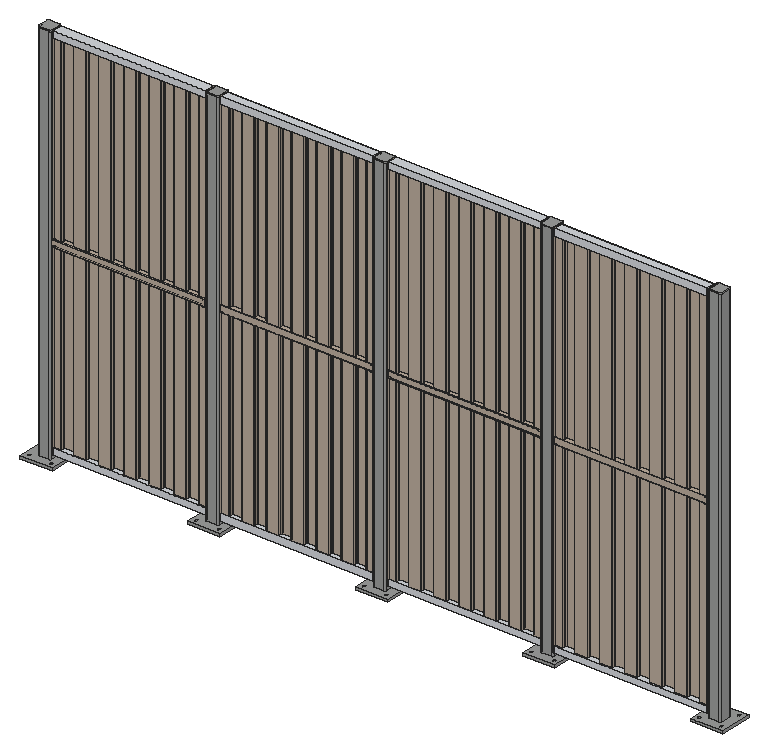
Revit family "Palmshield-Palisade-Fortress-Array", category Specialty Equipment, Revit 2025
Family settings
  Round Connector Dimension = Use Diameter
  Part Type = Normal
  OmniClass Number = 23.55.00.00
  OmniClass Title = Manufactured Structures
  Enable Cutting in Views = No
  Cut with Voids When Loaded = No
  Maintain Annotation Orientation = No
  Shared = No
  Room Calculation Point = No
Parameters (values of type "Assembly")
  Warranty URL = "https://palmshieldlouvers.com/wp-content/uploads/2020/01/PalmSHIELD-Warranty-NO-SIGN-LINE.pdf"
  Version = "2020 - v1.0a"  # constant formula
  URL = "https://palmshieldlouvers.com/"
  Type Comments = ""
  Start Post [instance] = yes
  Product Page URL = "https://palmshieldlouvers.com/products/palisade-fortress/"
  Product Documentation Link = "https://palmshieldlouvers.com/wp-content/uploads/2020/06/PS-PALISADE-FORTRESS-compressed.pdf"
  Post Finish = Metal - PalmSHIELD - Dusty Grey
  Panel Width [instance] = if(Desired Panel Width > C Max Panel Width, C Max Panel Width, if(Desired Panel Width < C Min Panel Width, C Min Panel Width, Desired Panel Width))  # 4' - 0"
  Panel Height [instance] = if(Desired Panel Height > C Max Panel Height, C Max Panel Height, if(Desired Panel Height < C Min Panel Height, C Min Panel Height, Desired Panel Height))  # 10' - 0"
  Model = "Palisade - Fortress"  # constant formula
  Manufacturer Phone Number = "531-329-4406 "  # constant formula
  Manufacturer Email = "mailto: info@palmshieldlouvers.com"
  Manufacturer Address = "12330 Cary Circle, La Vista, NE 68128"  # constant formula
  Manufacturer = "PalmSHIELD"  # constant formula
  Louver Finsh = Metal - PalmSHIELD - Grey Beige
  Keynote = "05 10 00"
  Instruction Sheet Link = "https://palmshieldlouvers.com/wp-content/uploads/2020/01/PalmSHIELD-Post-Panel-Gate-Installation-Instructions-REV-1.pdf"
  ID [instance] = "Not Assigned"
  Frame Finish = Metal - PalmSHIELD - Dusty Grey
  Filler Panel [instance] = yes
  End Post [instance] = yes
  Desired Panel Width [instance] = 4' - 0"
  Desired Panel Height [instance] = 10' - 0"
  Real Length [instance] = if(system length 1 < (C Post Width + C Min Panel Width), (C Post Width + C Min Panel Width), system length 1)  # 17' - 4"
  Description = "Palisade - Fortress - Panel Assembly"  # constant formula
  system length 1 [instance] = 17' - 4"
  Copyright = "Copyright ©2024 The American Fence Company and PalmSHIELD. All Rights Reserved."  # constant formula
  Component Name [instance] = "Palisade - Fortress - Panel Assembly"  # constant formula
  C Single Post [instance] = if(C Condition Double, 1 = 1, if(and(End Post, C Condition Single), 1 = 1, 1 = 0))  # no
  C Single Panel [instance] = or(C Condition Double, C Condition Single)  # no
  C Post Width [instance] = 0' - 4"  # constant formula
  C Multiple Post [instance] = (C Condition Multiple)  # yes
  C Multiple Panels [instance] = (C Condition Multiple)  # yes
  C Min Panel Width [instance] = 4' - 0"  # constant formula
  C Min Panel Height [instance] = C Min Panel Width  # 4' - 0"
  C Max Panel Width [instance] = 5' - 0"  # constant formula
  C Max Panel Height [instance] = 12' - 0"  # constant formula
  C Filler Post [instance] = and(not(C Condition Single), Filler Panel, End Post, or(C Filler Panel Width = C Min Panel Width, C Filler Panel Width > C Min Panel Width))  # yes
  C Filler Panel Width Calculated [instance] = Real Length - C Calculated Total Length - Panel Width - C Post Width  # 4' - 0"
  C Filler Panel Width [instance] = if(C Filler Panel Width Calculated < C Min Panel Width, C Min Panel Width, if(C Filler Panel Width Calculated > C Max Panel Width, C Max Panel Width, C Filler Panel Width Calculated))  # 4' - 0"
  C Filler Panel [instance] = and(not(C Condition Single), Filler Panel, or(C Filler Panel Width = C Min Panel Width, C Filler Panel Width > C Min Panel Width))  # yes
  C Condition Single [instance] = C Array Count < 1  # no
  C Condition Multiple [instance] = C Array Count > 1  # yes
  C Condition Double [instance] = C Array Count = 1  # no
  C Complete Post [instance] = and(not(C Condition Single), not(Filler Panel), End Post)  # no
  C Complete Panel [instance] = and(not(C Condition Single), not(Filler Panel))  # no
  C Calculated Total Length [instance] = if(C Array Count < 1, 0' 0", if(C Array Count = 1, C Post Width, Panel Width * (C Array Safe - 1) + C Post Width * (C Array Safe)))  # 9' - 0"
  C Calculated Filler Panel Length [instance] = if(C Array Count < 1, 0' 0", if(or(C Array Count = 2, C Array Count = 1), C Post Width, if(Filler Panel, (C Calculated Total Length - C Post Width - C Filler Panel Width), (C Calculated Total Length - C Post Width - Panel Width))))  # 4' - 8"
  C Array Safe [instance] = if(C Array Count < 2, 2, C Array Count)  # 3
  C Array Count [instance] = if(Filler Panel, roundup(((Real Length - C Min Panel Width) / (Panel Width + C Post Width)) - 1), roundup(((Real Length - (Panel Width)) / (Panel Width + C Post Width)) - 1))  # 3
  Assembly Code = "F1020100"
Reference planes (in)
  plane 1 "Center (Front/Back)": y = 0
  plane 2: z = 0
  plane 3 "Left": x = 0
  plane 4 "Right": x = 208
  plane 5 "Top": z = 120
  plane 6: x = 48
  plane 7: x = 52
  plane 8: x = 100
  plane 9: x = 104
  plane 10: x = -4
  plane 11: x = 156
  plane 12: x = 52
  plane 13: x = 204
  plane 14: x = 204
  plane 15: x = -2
  plane 16: x = 208
  plane 17: x = 206
  plane 18: x = 206
  plane 19: x = 208
  plane 20: x = 50
  plane 21: x = 102
  plane 22: y = -2
  plane 23: y = 2
Lines and regions (in)
  reference lines
    curve 1: line (0, 0, 0) -> (208, 0, 0)
Dimensions and locks (in)
  "system length 1": plane 3 "Left" to plane 4 "Right"
  "Panel Width": plane 6 to plane 3 "Left"
  "C Post Width": plane 7 to plane 6
  "Panel Width": plane 8 to plane 7
  "C Post Width": plane 9 to plane 8
  "C Post Width": plane 3 "Left" to plane 10
  "C Calculated Filler Panel Length": plane 12 to plane 10
  "C Filler Panel Width": plane 13 to plane 11
  "Panel Width": plane 14 to plane 11
  "C Calculated Total Length": plane 11 to plane 6
  equal spacing: plane 10, plane 15, plane 3 "Left"
  equal spacing: plane 16, plane 17, plane 13
  "C Post Width": plane 16 to plane 13
  equal spacing: plane 19, plane 18, plane 14
  "C Post Width": plane 19 to plane 14
  equal spacing: plane 9, plane 21, plane 8
  equal spacing: plane 7, plane 20, plane 6
  equal spacing: plane 22, plane 1 "Center (Front/Back)", plane 23
  "C Post Width": plane 22 to plane 23
  "Panel Height": plane 5 "Top" to level
  equal spacing: group 1, group 2, group 5  (x3)
  equal spacing: group 3, group 4, group 6  (x3)
  aligned and locked: plane 4 "Right" to curve 1
  aligned and locked: plane 1 "Center (Front/Back)" to curve 1
  aligned and locked: plane 3 "Left" to curve 1
  aligned and locked: level to plane 2
  aligned and locked: plane 15 to nested 1
  aligned and locked: nested 1 to plane 1 "Center (Front/Back)"
  aligned and locked: plane 3 "Left" to nested 2
  aligned and locked: nested 3 to plane 13
  aligned and locked: nested 4 to plane 14
  aligned and locked: plane 1 "Center (Front/Back)" to nested 6
  aligned and locked: plane 1 "Center (Front/Back)" to nested 5
  aligned and locked: plane 1 "Center (Front/Back)" to nested 8
  aligned and locked: plane 1 "Center (Front/Back)" to nested 9
  aligned and locked: plane 17 to nested 6
  aligned and locked: plane 18 to nested 5
  aligned and locked: plane 20 to nested 8
  aligned and locked: plane 22 to nested 4
  aligned and locked: plane 22 to nested 3
  aligned and locked: nested 2 to plane 22
  aligned and locked: plane 20 to nested 9
  aligned and locked: plane 3 "Left" to nested 7
  aligned and locked: nested 7 to plane 1 "Center (Front/Back)"
  aligned and locked: plane 7 to nested 29
  aligned and locked: nested 29 to plane 1 "Center (Front/Back)"
  aligned and locked: plane 21 to nested 46
  aligned and locked: plane 1 "Center (Front/Back)" to nested 46
Nested families (in)
  nested 1: "Screening-Louver-Assembly-Post-Palmshield-Palisade" at (-2, 0, 0), Desired Overall Height <- "Panel Height", visible <- "Start Post", Component Vis <- "Start Post", ID <- "ID", type ""
    with ID "Not Assigned", Height 8' - 0", Desired Overall Height 10' - 0", Component Vis yes, Component Name "Palisade - Square Post", C Min Height 3' - 4", C Max Height 8' - 0"
  nested 2: "Screening-Louver-Assembly-Panel-Palmshield-Palisade-Fortress" at (0, -2, 0), Desired Overall Height <- "Panel Height", Desired Overall Width <- "Panel Width", visible <- "C Single Panel", Component Vis <- "C Single Panel", ID <- "ID", type ""
    with Width 4' - 0", Support Width 3' - 11 1/2", Support Location 4' - 11", ID "Not Assigned", Horizontal Support yes, Height 10' - 0", Desired Overall Width 4' - 0", Desired Overall Height 10' - 0", Desired Bottom Angle 0.00°, Component Vis no, Component Name "Palisade Fortress - Panel Assembly", C Min Width 4' - 0", C Min Height 4' - 0", C Max Width 5' - 0", C Max Height 12' - 0", C Angle 0.00°
  nested 3: "Screening-Louver-Assembly-Panel-Palmshield-Palisade-Fortress" at (156, -2, 0), Desired Overall Height <- "Panel Height", Desired Overall Width <- "C Filler Panel Width", visible <- "C Filler Panel", Component Vis <- "C Filler Panel", ID <- "ID", type ""
    with Width 4' - 0", Support Width 3' - 11 1/2", Support Location 4' - 11", ID "Not Assigned", Horizontal Support yes, Height 10' - 0", Desired Overall Width 4' - 0", Desired Overall Height 10' - 0", Desired Bottom Angle 0.00°, Component Vis yes, Component Name "Palisade Fortress - Panel Assembly", C Min Width 4' - 0", C Min Height 4' - 0", C Max Width 5' - 0", C Max Height 12' - 0", C Angle 0.00°
  nested 4: "Screening-Louver-Assembly-Panel-Palmshield-Palisade-Fortress" at (156, -2, 0), Desired Overall Height <- "Panel Height", Desired Overall Width <- "Panel Width", visible <- "C Complete Panel", Component Vis <- "C Complete Panel", ID <- "ID", type ""
    with Width 4' - 0", Support Width 3' - 11 1/2", Support Location 4' - 11", ID "Not Assigned", Horizontal Support yes, Height 10' - 0", Desired Overall Width 4' - 0", Desired Overall Height 10' - 0", Desired Bottom Angle 0.00°, Component Vis no, Component Name "Palisade Fortress - Panel Assembly", C Min Width 4' - 0", C Min Height 4' - 0", C Max Width 5' - 0", C Max Height 12' - 0", C Angle 0.00°
  nested 5: "Screening-Louver-Assembly-Post-Palmshield-Palisade" at (206, 0, 0), Desired Overall Height <- "Panel Height", visible <- "C Complete Post", Component Vis <- "C Complete Post", ID <- "ID", type ""
    with ID "Not Assigned", Height 8' - 0", Desired Overall Height 10' - 0", Component Vis no, Component Name "Palisade - Square Post", C Min Height 3' - 4", C Max Height 8' - 0"
  nested 6: "Screening-Louver-Assembly-Post-Palmshield-Palisade" at (206, 0, 0), Desired Overall Height <- "Panel Height", visible <- "C Filler Post", Component Vis <- "C Filler Post", ID <- "ID", type ""
    with ID "Not Assigned", Height 8' - 0", Desired Overall Height 10' - 0", Component Vis yes, Component Name "Palisade - Square Post", C Min Height 3' - 4", C Max Height 8' - 0"
  nested 7: "Screening-Louver-Assembly-Panel-Palmshield-Palisade-Fortress" at (0, -1.5, 0), Desired Overall Height <- "Panel Height", Desired Overall Width <- "Panel Width", visible <- "C Multiple Panels", Component Vis <- "C Multiple Panels", ID <- "ID", type ""
    with Width 4' - 0", Support Width 3' - 11 1/2", Support Location 4' - 11", ID "Not Assigned", Horizontal Support yes, Height 10' - 0", Desired Overall Width 4' - 0", Desired Overall Height 10' - 0", Desired Bottom Angle 0.00°, Component Vis yes, Component Name "Palisade Fortress - Panel Assembly", C Min Width 4' - 0", C Min Height 4' - 0", C Max Width 5' - 0", C Max Height 12' - 0", C Angle 0.00°
  nested 8: "Screening-Louver-Assembly-Post-Palmshield-Palisade" at (50, 0, 0), Desired Overall Height <- "Panel Height", visible <- "C Multiple Post", Component Vis <- "C Multiple Post", ID <- "ID", type ""
    with ID "Not Assigned", Height 8' - 0", Desired Overall Height 10' - 0", Component Vis yes, Component Name "Palisade - Square Post", C Min Height 3' - 4", C Max Height 8' - 0"
  nested 9: "Screening-Louver-Assembly-Post-Palmshield-Palisade" at (50, 0, 0), Desired Overall Height <- "Panel Height", visible <- "C Single Post", Component Vis <- "C Single Post", ID <- "ID", type ""
    with ID "Not Assigned", Height 8' - 0", Desired Overall Height 10' - 0", Component Vis no, Component Name "Palisade - Square Post", C Min Height 3' - 4", C Max Height 8' - 0"
  nested 10: "Nested-Base_Plate-Palmshield-Palisade" at (50, 0, 0), type ""
    with Material Metal - PalmSHIELD - Dusty Grey, ID "Not Assigned", Component Name "Atlas - Base Plate"
  nested 11: "Nested-Square_Post-Palmshield-Palisade" at (50, 0, 0.75), type ""
    with Material Metal - PalmSHIELD - Dusty Grey, Length 9' - 11", ID "Not Assigned", Component Name "Atlas - Square Post"
  nested 12: "Nested-Top_Cap-Palmshield-Palisade" at (50, 0, 119.75), type ""
    with Material Metal - PalmSHIELD - Dusty Grey, ID "Not Assigned", Component Name "Atlas - Post Cap"
  nested 13: "Nested-Cont_Alum-Palmshield-Palisade" at (0, -1.5, 120) x (0, 1, 0) z (1, 0, 0), type ""
    with Material Metal - PalmSHIELD - Grey Beige, Length 9' - 10", ID "Not Assigned", Component Name "Atlas - Left L-Frame"
  nested 14: "Nested-Cont_Alum-Palmshield-Palisade" at (48, -1.5, 2) x (0, 1, 0) z (-1, 0, 0), type ""
    with Material Metal - PalmSHIELD - Grey Beige, Length 9' - 10", ID "Not Assigned", Component Name "Atlas - Right L-Frame"
  nested 15: "Nested-Rect_Tube-Palmshield-Palisade" at (0.25, 1.5, 120) x (0, -1, 0) z (1, 0, 0), type ""
    with Material none, Length 3' - 11 1/2", ID "", Component Name ""
  nested 16: "Nested-Rect_Tube-Palmshield-Palisade" at (0.25, 1.5, 4) x (0, -1, 0) z (1, 0, 0), type ""
    with Material none, Length 3' - 11 1/2", ID "", Component Name ""
  nested 17: "Nested-Pickets-Palmshield-Palisade" at (41.375, 1.1875, 4) x (0, -1, 0) z (0, 0, 1), type ""
    with Real Height 0' - 4", Material Metal - PalmSHIELD - Grey Beige, Length 9' - 6", ID "", Height 0' - 4", Desired Cut In Place 0' - 0 1/2", Cut In Place no, Component Vis yes, Component Name "", C Hole Offset 0' - 1 1/2"
  nested 18: "Nested-Pickets-Palmshield-Palisade" at (37.5, -0.1875, 4) x (0, -1, 0) z (0, 0, 1), type ""
    with Real Height 0' - 4", Material Metal - PalmSHIELD - Grey Beige, Length 9' - 6", ID "", Height 0' - 4", Desired Cut In Place 0' - 0 1/2", Cut In Place no, Component Vis yes, Component Name "", C Hole Offset 0' - 1 1/2"
  nested 19: "Nested-Pickets-Palmshield-Palisade" at (29.75, -0.1875, 4) x (0, -1, 0) z (0, 0, 1), type ""
    with Real Height 0' - 4", Material Metal - PalmSHIELD - Grey Beige, Length 9' - 6", ID "", Height 0' - 4", Desired Cut In Place 0' - 0 1/2", Cut In Place no, Component Vis yes, Component Name "", C Hole Offset 0' - 1 1/2"
  nested 20: "Nested-Pickets-Palmshield-Palisade" at (33.625, 1.1875, 4) x (0, -1, 0) z (0, 0, 1), type ""
    with Real Height 0' - 4", Material Metal - PalmSHIELD - Grey Beige, Length 9' - 6", ID "", Height 0' - 4", Desired Cut In Place 0' - 0 1/2", Cut In Place no, Component Vis yes, Component Name "", C Hole Offset 0' - 1 1/2"
  nested 21: "Nested-Pickets-Palmshield-Palisade" at (25.875, 1.1875, 4) x (0, -1, 0) z (0, 0, 1), type ""
    with Real Height 0' - 4", Material Metal - PalmSHIELD - Grey Beige, Length 9' - 6", ID "", Height 0' - 4", Desired Cut In Place 0' - 0 1/2", Cut In Place no, Component Vis yes, Component Name "", C Hole Offset 0' - 1 1/2"
  nested 22: "Nested-Pickets-Palmshield-Palisade" at (22, -0.1875, 4) x (0, -1, 0) z (0, 0, 1), type ""
    with Real Height 0' - 4", Material Metal - PalmSHIELD - Grey Beige, Length 9' - 6", ID "", Height 0' - 4", Desired Cut In Place 0' - 0 1/2", Cut In Place no, Component Vis yes, Component Name "", C Hole Offset 0' - 1 1/2"
  nested 23: "Nested-Pickets-Palmshield-Palisade" at (18.125, 1.1875, 4) x (0, -1, 0) z (0, 0, 1), type ""
    with Real Height 0' - 4", Material Metal - PalmSHIELD - Grey Beige, Length 9' - 6", ID "", Height 0' - 4", Desired Cut In Place 0' - 0 1/2", Cut In Place no, Component Vis yes, Component Name "", C Hole Offset 0' - 1 1/2"
  nested 24: "Nested-Pickets-Palmshield-Palisade" at (14.25, -0.1875, 4) x (0, -1, 0) z (0, 0, 1), type ""
    with Real Height 0' - 4", Material Metal - PalmSHIELD - Grey Beige, Length 9' - 6", ID "", Height 0' - 4", Desired Cut In Place 0' - 0 1/2", Cut In Place no, Component Vis yes, Component Name "", C Hole Offset 0' - 1 1/2"
  nested 25: "Nested-Pickets-Palmshield-Palisade" at (10.375, 1.1875, 4) x (0, -1, 0) z (0, 0, 1), type ""
    with Real Height 0' - 4", Material Metal - PalmSHIELD - Grey Beige, Length 9' - 6", ID "", Height 0' - 4", Desired Cut In Place 0' - 0 1/2", Cut In Place no, Component Vis yes, Component Name "", C Hole Offset 0' - 1 1/2"
  nested 26: "Nested-Pickets-Palmshield-Palisade" at (6.5, -0.1875, 4) x (0, -1, 0) z (0, 0, 1), type ""
    with Real Height 0' - 4", Material Metal - PalmSHIELD - Grey Beige, Length 9' - 6", ID "", Height 0' - 4", Desired Cut In Place 0' - 0 1/2", Cut In Place no, Component Vis yes, Component Name "", C Hole Offset 0' - 1 1/2"
  nested 27: "Nested-Pickets-Palmshield-Palisade" at (2.625, 1.1875, 4) x (0, -1, 0) z (0, 0, 1), type ""
    with Real Height 0' - 4", Material Metal - PalmSHIELD - Grey Beige, Length 9' - 6", ID "", Height 0' - 4", Desired Cut In Place 0' - 0 1/2", Cut In Place no, Component Vis yes, Component Name "", C Hole Offset 0' - 1 1/2"
  nested 28: "Nested-Pickets-Palmshield-Palisade" at (-1.25, -0.1875, 4) x (0, -1, 0) z (0, 0, 1), type ""
    with Real Height 0' - 2 1/2", Material Metal - PalmSHIELD - Grey Beige, Length 9' - 6", ID "", Height 0' - 2 1/2", Desired Cut In Place 0' - 2 1/2", Cut In Place yes, Component Vis yes, Component Name "", C Hole Offset 0' - 1 1/2"
  nested 29: "Screening-Louver-Assembly-Panel-Palmshield-Palisade-Fortress" at (52, -1.5, 0), Desired Overall Height <- "Panel Height", Desired Overall Width <- "Panel Width", visible <- "C Multiple Panels", Component Vis <- "C Multiple Panels", ID <- "ID", type ""
    with Width 4' - 0", Support Width 3' - 11 1/2", Support Location 4' - 11", ID "Not Assigned", Horizontal Support yes, Height 10' - 0", Desired Overall Width 4' - 0", Desired Overall Height 10' - 0", Desired Bottom Angle 0.00°, Component Vis yes, Component Name "Palisade Fortress - Panel Assembly", C Min Width 4' - 0", C Min Height 4' - 0", C Max Width 5' - 0", C Max Height 12' - 0", C Angle 0.00°
  nested 30: "Nested-Cont_Alum-Palmshield-Palisade" at (52, -1.5, 120) x (0, 1, 0) z (1, 0, 0), type ""
    with Material Metal - PalmSHIELD - Grey Beige, Length 9' - 10", ID "Not Assigned", Component Name "Atlas - Left L-Frame"
  nested 31: "Nested-Cont_Alum-Palmshield-Palisade" at (100, -1.5, 2) x (0, 1, 0) z (-1, 0, 0), type ""
    with Material Metal - PalmSHIELD - Grey Beige, Length 9' - 10", ID "Not Assigned", Component Name "Atlas - Right L-Frame"
  nested 32: "Nested-Rect_Tube-Palmshield-Palisade" at (52.25, 1.5, 120) x (0, -1, 0) z (1, 0, 0), type ""
    with Material none, Length 3' - 11 1/2", ID "", Component Name ""
  nested 33: "Nested-Rect_Tube-Palmshield-Palisade" at (52.25, 1.5, 4) x (0, -1, 0) z (1, 0, 0), type ""
    with Material none, Length 3' - 11 1/2", ID "", Component Name ""
  nested 34: "Nested-Pickets-Palmshield-Palisade" at (93.375, 1.1875, 4) x (0, -1, 0) z (0, 0, 1), type ""
    with Real Height 0' - 4", Material Metal - PalmSHIELD - Grey Beige, Length 9' - 6", ID "", Height 0' - 4", Desired Cut In Place 0' - 0 1/2", Cut In Place no, Component Vis yes, Component Name "", C Hole Offset 0' - 1 1/2"
  nested 35: "Nested-Pickets-Palmshield-Palisade" at (89.5, -0.1875, 4) x (0, -1, 0) z (0, 0, 1), type ""
    with Real Height 0' - 4", Material Metal - PalmSHIELD - Grey Beige, Length 9' - 6", ID "", Height 0' - 4", Desired Cut In Place 0' - 0 1/2", Cut In Place no, Component Vis yes, Component Name "", C Hole Offset 0' - 1 1/2"
  nested 36: "Nested-Pickets-Palmshield-Palisade" at (81.75, -0.1875, 4) x (0, -1, 0) z (0, 0, 1), type ""
    with Real Height 0' - 4", Material Metal - PalmSHIELD - Grey Beige, Length 9' - 6", ID "", Height 0' - 4", Desired Cut In Place 0' - 0 1/2", Cut In Place no, Component Vis yes, Component Name "", C Hole Offset 0' - 1 1/2"
  nested 37: "Nested-Pickets-Palmshield-Palisade" at (85.625, 1.1875, 4) x (0, -1, 0) z (0, 0, 1), type ""
    with Real Height 0' - 4", Material Metal - PalmSHIELD - Grey Beige, Length 9' - 6", ID "", Height 0' - 4", Desired Cut In Place 0' - 0 1/2", Cut In Place no, Component Vis yes, Component Name "", C Hole Offset 0' - 1 1/2"
  nested 38: "Nested-Pickets-Palmshield-Palisade" at (77.875, 1.1875, 4) x (0, -1, 0) z (0, 0, 1), type ""
    with Real Height 0' - 4", Material Metal - PalmSHIELD - Grey Beige, Length 9' - 6", ID "", Height 0' - 4", Desired Cut In Place 0' - 0 1/2", Cut In Place no, Component Vis yes, Component Name "", C Hole Offset 0' - 1 1/2"
  nested 39: "Nested-Pickets-Palmshield-Palisade" at (74, -0.1875, 4) x (0, -1, 0) z (0, 0, 1), type ""
    with Real Height 0' - 4", Material Metal - PalmSHIELD - Grey Beige, Length 9' - 6", ID "", Height 0' - 4", Desired Cut In Place 0' - 0 1/2", Cut In Place no, Component Vis yes, Component Name "", C Hole Offset 0' - 1 1/2"
  nested 40: "Nested-Pickets-Palmshield-Palisade" at (70.125, 1.1875, 4) x (0, -1, 0) z (0, 0, 1), type ""
    with Real Height 0' - 4", Material Metal - PalmSHIELD - Grey Beige, Length 9' - 6", ID "", Height 0' - 4", Desired Cut In Place 0' - 0 1/2", Cut In Place no, Component Vis yes, Component Name "", C Hole Offset 0' - 1 1/2"
  nested 41: "Nested-Pickets-Palmshield-Palisade" at (66.25, -0.1875, 4) x (0, -1, 0) z (0, 0, 1), type ""
    with Real Height 0' - 4", Material Metal - PalmSHIELD - Grey Beige, Length 9' - 6", ID "", Height 0' - 4", Desired Cut In Place 0' - 0 1/2", Cut In Place no, Component Vis yes, Component Name "", C Hole Offset 0' - 1 1/2"
  nested 42: "Nested-Pickets-Palmshield-Palisade" at (62.375, 1.1875, 4) x (0, -1, 0) z (0, 0, 1), type ""
    with Real Height 0' - 4", Material Metal - PalmSHIELD - Grey Beige, Length 9' - 6", ID "", Height 0' - 4", Desired Cut In Place 0' - 0 1/2", Cut In Place no, Component Vis yes, Component Name "", C Hole Offset 0' - 1 1/2"
  nested 43: "Nested-Pickets-Palmshield-Palisade" at (58.5, -0.1875, 4) x (0, -1, 0) z (0, 0, 1), type ""
    with Real Height 0' - 4", Material Metal - PalmSHIELD - Grey Beige, Length 9' - 6", ID "", Height 0' - 4", Desired Cut In Place 0' - 0 1/2", Cut In Place no, Component Vis yes, Component Name "", C Hole Offset 0' - 1 1/2"
  nested 44: "Nested-Pickets-Palmshield-Palisade" at (54.625, 1.1875, 4) x (0, -1, 0) z (0, 0, 1), type ""
    with Real Height 0' - 4", Material Metal - PalmSHIELD - Grey Beige, Length 9' - 6", ID "", Height 0' - 4", Desired Cut In Place 0' - 0 1/2", Cut In Place no, Component Vis yes, Component Name "", C Hole Offset 0' - 1 1/2"
  nested 45: "Nested-Pickets-Palmshield-Palisade" at (50.75, -0.1875, 4) x (0, -1, 0) z (0, 0, 1), type ""
    with Real Height 0' - 2 1/2", Material Metal - PalmSHIELD - Grey Beige, Length 9' - 6", ID "", Height 0' - 2 1/2", Desired Cut In Place 0' - 2 1/2", Cut In Place yes, Component Vis yes, Component Name "", C Hole Offset 0' - 1 1/2"
  nested 46: "Screening-Louver-Assembly-Post-Palmshield-Palisade" at (102, 0, 0), Desired Overall Height <- "Panel Height", visible <- "C Multiple Post", Component Vis <- "C Multiple Post", ID <- "ID", type ""
    with ID "Not Assigned", Height 8' - 0", Desired Overall Height 10' - 0", Component Vis yes, Component Name "Palisade - Square Post", C Min Height 3' - 4", C Max Height 8' - 0"
  nested 47: "Nested-Base_Plate-Palmshield-Palisade" at (102, 0, 0), type ""
    with Material Metal - PalmSHIELD - Dusty Grey, ID "Not Assigned", Component Name "Atlas - Base Plate"
  nested 48: "Nested-Square_Post-Palmshield-Palisade" at (102, 0, 0.75), type ""
    with Material Metal - PalmSHIELD - Dusty Grey, Length 9' - 11", ID "Not Assigned", Component Name "Atlas - Square Post"
  nested 49: "Nested-Top_Cap-Palmshield-Palisade" at (102, 0, 119.75), type ""
    with Material Metal - PalmSHIELD - Dusty Grey, ID "Not Assigned", Component Name "Atlas - Post Cap"
  nested 50: "Nested-Cont_Alum-Palmshield-Palisade" at (156, -2, 120) x (0, 1, 0) z (1, 0, 0), type ""
    with Material Metal - PalmSHIELD - Grey Beige, Length 9' - 10", ID "Not Assigned", Component Name "Atlas - Left L-Frame"
  nested 51: "Nested-Cont_Alum-Palmshield-Palisade" at (204, -2, 2) x (0, 1, 0) z (-1, 0, 0), type ""
    with Material Metal - PalmSHIELD - Grey Beige, Length 9' - 10", ID "Not Assigned", Component Name "Atlas - Right L-Frame"
  nested 52: "Nested-Rect_Tube-Palmshield-Palisade" at (156.25, 1, 120) x (0, -1, 0) z (1, 0, 0), type ""
    with Material none, Length 3' - 11 1/2", ID "", Component Name ""
  nested 53: "Nested-Rect_Tube-Palmshield-Palisade" at (156.25, 1, 4) x (0, -1, 0) z (1, 0, 0), type ""
    with Material none, Length 3' - 11 1/2", ID "", Component Name ""
  nested 54: "Nested-Pickets-Palmshield-Palisade" at (197.375, 0.6875, 4) x (0, -1, 0) z (0, 0, 1), type ""
    with Real Height 0' - 4", Material Metal - PalmSHIELD - Grey Beige, Length 9' - 6", ID "", Height 0' - 4", Desired Cut In Place 0' - 0 1/2", Cut In Place no, Component Vis yes, Component Name "", C Hole Offset 0' - 1 1/2"
  nested 55: "Nested-Pickets-Palmshield-Palisade" at (193.5, -0.6875, 4) x (0, -1, 0) z (0, 0, 1), type ""
    with Real Height 0' - 4", Material Metal - PalmSHIELD - Grey Beige, Length 9' - 6", ID "", Height 0' - 4", Desired Cut In Place 0' - 0 1/2", Cut In Place no, Component Vis yes, Component Name "", C Hole Offset 0' - 1 1/2"
  nested 56: "Nested-Pickets-Palmshield-Palisade" at (185.75, -0.6875, 4) x (0, -1, 0) z (0, 0, 1), type ""
    with Real Height 0' - 4", Material Metal - PalmSHIELD - Grey Beige, Length 9' - 6", ID "", Height 0' - 4", Desired Cut In Place 0' - 0 1/2", Cut In Place no, Component Vis yes, Component Name "", C Hole Offset 0' - 1 1/2"
  nested 57: "Nested-Pickets-Palmshield-Palisade" at (189.625, 0.6875, 4) x (0, -1, 0) z (0, 0, 1), type ""
    with Real Height 0' - 4", Material Metal - PalmSHIELD - Grey Beige, Length 9' - 6", ID "", Height 0' - 4", Desired Cut In Place 0' - 0 1/2", Cut In Place no, Component Vis yes, Component Name "", C Hole Offset 0' - 1 1/2"
  nested 58: "Nested-Pickets-Palmshield-Palisade" at (181.875, 0.6875, 4) x (0, -1, 0) z (0, 0, 1), type ""
    with Real Height 0' - 4", Material Metal - PalmSHIELD - Grey Beige, Length 9' - 6", ID "", Height 0' - 4", Desired Cut In Place 0' - 0 1/2", Cut In Place no, Component Vis yes, Component Name "", C Hole Offset 0' - 1 1/2"
  nested 59: "Nested-Pickets-Palmshield-Palisade" at (178, -0.6875, 4) x (0, -1, 0) z (0, 0, 1), type ""
    with Real Height 0' - 4", Material Metal - PalmSHIELD - Grey Beige, Length 9' - 6", ID "", Height 0' - 4", Desired Cut In Place 0' - 0 1/2", Cut In Place no, Component Vis yes, Component Name "", C Hole Offset 0' - 1 1/2"
  nested 60: "Nested-Pickets-Palmshield-Palisade" at (174.125, 0.6875, 4) x (0, -1, 0) z (0, 0, 1), type ""
    with Real Height 0' - 4", Material Metal - PalmSHIELD - Grey Beige, Length 9' - 6", ID "", Height 0' - 4", Desired Cut In Place 0' - 0 1/2", Cut In Place no, Component Vis yes, Component Name "", C Hole Offset 0' - 1 1/2"
  nested 61: "Nested-Pickets-Palmshield-Palisade" at (170.25, -0.6875, 4) x (0, -1, 0) z (0, 0, 1), type ""
    with Real Height 0' - 4", Material Metal - PalmSHIELD - Grey Beige, Length 9' - 6", ID "", Height 0' - 4", Desired Cut In Place 0' - 0 1/2", Cut In Place no, Component Vis yes, Component Name "", C Hole Offset 0' - 1 1/2"
  nested 62: "Nested-Pickets-Palmshield-Palisade" at (166.375, 0.6875, 4) x (0, -1, 0) z (0, 0, 1), type ""
    with Real Height 0' - 4", Material Metal - PalmSHIELD - Grey Beige, Length 9' - 6", ID "", Height 0' - 4", Desired Cut In Place 0' - 0 1/2", Cut In Place no, Component Vis yes, Component Name "", C Hole Offset 0' - 1 1/2"
  nested 63: "Nested-Pickets-Palmshield-Palisade" at (162.5, -0.6875, 4) x (0, -1, 0) z (0, 0, 1), type ""
    with Real Height 0' - 4", Material Metal - PalmSHIELD - Grey Beige, Length 9' - 6", ID "", Height 0' - 4", Desired Cut In Place 0' - 0 1/2", Cut In Place no, Component Vis yes, Component Name "", C Hole Offset 0' - 1 1/2"
  nested 64: "Nested-Pickets-Palmshield-Palisade" at (158.625, 0.6875, 4) x (0, -1, 0) z (0, 0, 1), type ""
    with Real Height 0' - 4", Material Metal - PalmSHIELD - Grey Beige, Length 9' - 6", ID "", Height 0' - 4", Desired Cut In Place 0' - 0 1/2", Cut In Place no, Component Vis yes, Component Name "", C Hole Offset 0' - 1 1/2"
  nested 65: "Nested-Pickets-Palmshield-Palisade" at (154.75, -0.6875, 4) x (0, -1, 0) z (0, 0, 1), type ""
    with Real Height 0' - 2 1/2", Material Metal - PalmSHIELD - Grey Beige, Length 9' - 6", ID "", Height 0' - 2 1/2", Desired Cut In Place 0' - 2 1/2", Cut In Place yes, Component Vis yes, Component Name "", C Hole Offset 0' - 1 1/2"
  nested 66: "Nested-Base_Plate-Palmshield-Palisade" at (206, 0, 0), type ""
    with Material Metal - PalmSHIELD - Dusty Grey, ID "Not Assigned", Component Name "Atlas - Base Plate"
  nested 67: "Nested-Square_Post-Palmshield-Palisade" at (206, 0, 0.75), type ""
    with Material Metal - PalmSHIELD - Dusty Grey, Length 9' - 11", ID "Not Assigned", Component Name "Atlas - Square Post"
  nested 68: "Nested-Top_Cap-Palmshield-Palisade" at (206, 0, 119.75), type ""
    with Material Metal - PalmSHIELD - Dusty Grey, ID "Not Assigned", Component Name "Atlas - Post Cap"
  nested 69: "Nested-Base_Plate-Palmshield-Palisade" at (-2, 0, 0), type ""
    with Material Metal - PalmSHIELD - Dusty Grey, ID "Not Assigned", Component Name "Atlas - Base Plate"
  nested 70: "Nested-Square_Post-Palmshield-Palisade" at (-2, 0, 0.75), type ""
    with Material Metal - PalmSHIELD - Dusty Grey, Length 9' - 11", ID "Not Assigned", Component Name "Atlas - Square Post"
  nested 71: "Nested-Top_Cap-Palmshield-Palisade" at (-2, 0, 119.75), type ""
    with Material Metal - PalmSHIELD - Dusty Grey, ID "Not Assigned", Component Name "Atlas - Post Cap"
  nested 72: "Nested-Cont_Alum_Horizontal-Palmshield-Palisade" at (0.25, 1, 60) x (0, 0, 1) z (0, -1, 0), type ""
    with Material Metal - PalmSHIELD - Grey Beige, Length 3' - 11 1/2", ID "", Component Name ""
  nested 73: "Nested-Cont_Alum_Horizontal-Palmshield-Palisade" at (156.25, 1, 60) x (0, 0, 1) z (0, -1, 0), type ""
    with Material Metal - PalmSHIELD - Grey Beige, Length 3' - 11 1/2", ID "", Component Name ""
  nested 74: "Nested-Cont_Alum_Horizontal-Palmshield-Palisade" at (156.25, 1, 60) x (0, 0, 1) z (0, -1, 0), type ""
    with Material Metal - PalmSHIELD - Grey Beige, Length 3' - 11 1/2", ID "", Component Name ""
  nested 75: "Nested-Cont_Alum_Horizontal-Palmshield-Palisade" at (0.25, 1.5, 60) x (0, 0, 1) z (0, -1, 0), type ""
    with Material Metal - PalmSHIELD - Grey Beige, Length 3' - 11 1/2", ID "", Component Name ""
  nested 76: "Nested-Cont_Alum_Horizontal-Palmshield-Palisade" at (52.25, 1.5, 60) x (0, 0, 1) z (0, -1, 0), type ""
    with Material Metal - PalmSHIELD - Grey Beige, Length 3' - 11 1/2", ID "", Component Name ""
  nested 77: "Nested-Pickets-Palmshield-Palisade" at (205.25, -0.6875, 4) x (0, -1, 0) z (0, 0, 1), type ""
    with Real Height 0' - 2 1/2", Material Metal - PalmSHIELD - Grey Beige, Length 9' - 6", ID "", Height 0' - 2 1/2", Desired Cut In Place 0' - 2 1/2", Cut In Place yes, Component Vis yes, Component Name "", C Hole Offset 0' - 1 1/2"
  nested 78: "Nested-Pickets-Palmshield-Palisade" at (101.25, -0.1875, 4) x (0, -1, 0) z (0, 0, 1), type ""
    with Real Height 0' - 2 1/2", Material Metal - PalmSHIELD - Grey Beige, Length 9' - 6", ID "", Height 0' - 2 1/2", Desired Cut In Place 0' - 2 1/2", Cut In Place yes, Component Vis yes, Component Name "", C Hole Offset 0' - 1 1/2"
  nested 79: "Nested-Pickets-Palmshield-Palisade" at (49.25, -0.1875, 4) x (0, -1, 0) z (0, 0, 1), type ""
    with Real Height 0' - 2 1/2", Material Metal - PalmSHIELD - Grey Beige, Length 9' - 6", ID "", Height 0' - 2 1/2", Desired Cut In Place 0' - 2 1/2", Cut In Place yes, Component Vis yes, Component Name "", C Hole Offset 0' - 1 1/2"
  nested 80: "Screening-Louver-Assembly-Panel-Palmshield-Palisade-Fortress" at (104, -1.5, 0), Desired Overall Height <- "Panel Height", Desired Overall Width <- "Panel Width", visible <- "C Multiple Panels", Component Vis <- "C Multiple Panels", ID <- "ID", type ""
    with Width 4' - 0", Support Width 3' - 11 1/2", Support Location 4' - 11", ID "Not Assigned", Horizontal Support yes, Height 10' - 0", Desired Overall Width 4' - 0", Desired Overall Height 10' - 0", Desired Bottom Angle 0.00°, Component Vis yes, Component Name "Palisade Fortress - Panel Assembly", C Min Width 4' - 0", C Min Height 4' - 0", C Max Width 5' - 0", C Max Height 12' - 0", C Angle 0.00°
  nested 81: "Nested-Cont_Alum-Palmshield-Palisade" at (104, -1.5, 120) x (0, 1, 0) z (1, 0, 0), type ""
    with Material Metal - PalmSHIELD - Grey Beige, Length 9' - 10", ID "Not Assigned", Component Name "Atlas - Left L-Frame"
  nested 82: "Nested-Cont_Alum-Palmshield-Palisade" at (152, -1.5, 2) x (0, 1, 0) z (-1, 0, 0), type ""
    with Material Metal - PalmSHIELD - Grey Beige, Length 9' - 10", ID "Not Assigned", Component Name "Atlas - Right L-Frame"
  nested 83: "Nested-Rect_Tube-Palmshield-Palisade" at (104.25, 1.5, 120) x (0, -1, 0) z (1, 0, 0), type ""
    with Material none, Length 3' - 11 1/2", ID "", Component Name ""
  nested 84: "Nested-Rect_Tube-Palmshield-Palisade" at (104.25, 1.5, 4) x (0, -1, 0) z (1, 0, 0), type ""
    with Material none, Length 3' - 11 1/2", ID "", Component Name ""
  nested 85: "Nested-Pickets-Palmshield-Palisade" at (145.375, 1.1875, 4) x (0, -1, 0) z (0, 0, 1), type ""
    with Real Height 0' - 4", Material Metal - PalmSHIELD - Grey Beige, Length 9' - 6", ID "", Height 0' - 4", Desired Cut In Place 0' - 0 1/2", Cut In Place no, Component Vis yes, Component Name "", C Hole Offset 0' - 1 1/2"
  nested 86: "Nested-Pickets-Palmshield-Palisade" at (141.5, -0.1875, 4) x (0, -1, 0) z (0, 0, 1), type ""
    with Real Height 0' - 4", Material Metal - PalmSHIELD - Grey Beige, Length 9' - 6", ID "", Height 0' - 4", Desired Cut In Place 0' - 0 1/2", Cut In Place no, Component Vis yes, Component Name "", C Hole Offset 0' - 1 1/2"
  nested 87: "Nested-Pickets-Palmshield-Palisade" at (133.75, -0.1875, 4) x (0, -1, 0) z (0, 0, 1), type ""
    with Real Height 0' - 4", Material Metal - PalmSHIELD - Grey Beige, Length 9' - 6", ID "", Height 0' - 4", Desired Cut In Place 0' - 0 1/2", Cut In Place no, Component Vis yes, Component Name "", C Hole Offset 0' - 1 1/2"
  nested 88: "Nested-Pickets-Palmshield-Palisade" at (137.625, 1.1875, 4) x (0, -1, 0) z (0, 0, 1), type ""
    with Real Height 0' - 4", Material Metal - PalmSHIELD - Grey Beige, Length 9' - 6", ID "", Height 0' - 4", Desired Cut In Place 0' - 0 1/2", Cut In Place no, Component Vis yes, Component Name "", C Hole Offset 0' - 1 1/2"
  nested 89: "Nested-Pickets-Palmshield-Palisade" at (129.875, 1.1875, 4) x (0, -1, 0) z (0, 0, 1), type ""
    with Real Height 0' - 4", Material Metal - PalmSHIELD - Grey Beige, Length 9' - 6", ID "", Height 0' - 4", Desired Cut In Place 0' - 0 1/2", Cut In Place no, Component Vis yes, Component Name "", C Hole Offset 0' - 1 1/2"
  nested 90: "Nested-Pickets-Palmshield-Palisade" at (126, -0.1875, 4) x (0, -1, 0) z (0, 0, 1), type ""
    with Real Height 0' - 4", Material Metal - PalmSHIELD - Grey Beige, Length 9' - 6", ID "", Height 0' - 4", Desired Cut In Place 0' - 0 1/2", Cut In Place no, Component Vis yes, Component Name "", C Hole Offset 0' - 1 1/2"
  nested 91: "Nested-Pickets-Palmshield-Palisade" at (122.125, 1.1875, 4) x (0, -1, 0) z (0, 0, 1), type ""
    with Real Height 0' - 4", Material Metal - PalmSHIELD - Grey Beige, Length 9' - 6", ID "", Height 0' - 4", Desired Cut In Place 0' - 0 1/2", Cut In Place no, Component Vis yes, Component Name "", C Hole Offset 0' - 1 1/2"
  nested 92: "Nested-Pickets-Palmshield-Palisade" at (118.25, -0.1875, 4) x (0, -1, 0) z (0, 0, 1), type ""
    with Real Height 0' - 4", Material Metal - PalmSHIELD - Grey Beige, Length 9' - 6", ID "", Height 0' - 4", Desired Cut In Place 0' - 0 1/2", Cut In Place no, Component Vis yes, Component Name "", C Hole Offset 0' - 1 1/2"
  nested 93: "Nested-Pickets-Palmshield-Palisade" at (114.375, 1.1875, 4) x (0, -1, 0) z (0, 0, 1), type ""
    with Real Height 0' - 4", Material Metal - PalmSHIELD - Grey Beige, Length 9' - 6", ID "", Height 0' - 4", Desired Cut In Place 0' - 0 1/2", Cut In Place no, Component Vis yes, Component Name "", C Hole Offset 0' - 1 1/2"
  nested 94: "Nested-Pickets-Palmshield-Palisade" at (110.5, -0.1875, 4) x (0, -1, 0) z (0, 0, 1), type ""
    with Real Height 0' - 4", Material Metal - PalmSHIELD - Grey Beige, Length 9' - 6", ID "", Height 0' - 4", Desired Cut In Place 0' - 0 1/2", Cut In Place no, Component Vis yes, Component Name "", C Hole Offset 0' - 1 1/2"
  nested 95: "Nested-Pickets-Palmshield-Palisade" at (106.625, 1.1875, 4) x (0, -1, 0) z (0, 0, 1), type ""
    with Real Height 0' - 4", Material Metal - PalmSHIELD - Grey Beige, Length 9' - 6", ID "", Height 0' - 4", Desired Cut In Place 0' - 0 1/2", Cut In Place no, Component Vis yes, Component Name "", C Hole Offset 0' - 1 1/2"
  nested 96: "Nested-Pickets-Palmshield-Palisade" at (102.75, -0.1875, 4) x (0, -1, 0) z (0, 0, 1), type ""
    with Real Height 0' - 2 1/2", Material Metal - PalmSHIELD - Grey Beige, Length 9' - 6", ID "", Height 0' - 2 1/2", Desired Cut In Place 0' - 2 1/2", Cut In Place yes, Component Vis yes, Component Name "", C Hole Offset 0' - 1 1/2"
  nested 97: "Nested-Cont_Alum_Horizontal-Palmshield-Palisade" at (104.25, 1.5, 60) x (0, 0, 1) z (0, -1, 0), type ""
    with Material Metal - PalmSHIELD - Grey Beige, Length 3' - 11 1/2", ID "", Component Name ""
  nested 98: "Nested-Pickets-Palmshield-Palisade" at (153.25, -0.1875, 4) x (0, -1, 0) z (0, 0, 1), type ""
    with Real Height 0' - 2 1/2", Material Metal - PalmSHIELD - Grey Beige, Length 9' - 6", ID "", Height 0' - 2 1/2", Desired Cut In Place 0' - 2 1/2", Cut In Place yes, Component Vis yes, Component Name "", C Hole Offset 0' - 1 1/2"
  nested 99: "Screening-Louver-Assembly-Post-Palmshield-Palisade" at (154, 0, 0), Desired Overall Height <- "Panel Height", visible <- "C Multiple Post", Component Vis <- "C Multiple Post", ID <- "ID", type ""
    with ID "Not Assigned", Height 8' - 0", Desired Overall Height 10' - 0", Component Vis yes, Component Name "Palisade - Square Post", C Min Height 3' - 4", C Max Height 8' - 0"
  nested 100: "Nested-Base_Plate-Palmshield-Palisade" at (154, 0, 0), type ""
    with Material Metal - PalmSHIELD - Dusty Grey, ID "Not Assigned", Component Name "Atlas - Base Plate"
  nested 101: "Nested-Square_Post-Palmshield-Palisade" at (154, 0, 0.75), type ""
    with Material Metal - PalmSHIELD - Dusty Grey, Length 9' - 11", ID "Not Assigned", Component Name "Atlas - Square Post"
  nested 102: "Nested-Top_Cap-Palmshield-Palisade" at (154, 0, 119.75), type ""
    with Material Metal - PalmSHIELD - Dusty Grey, ID "Not Assigned", Component Name "Atlas - Post Cap"
Definition of nested family "Nested-Base_Plate-Palmshield-Palisade"
  Parameters (values of type "10" x 10" x 3/4"")
    Width = 0' - 10"  # constant formula
    Warranty URL = "https://palmshieldlouvers.com/wp-content/uploads/2020/01/PalmSHIELD-Warranty-NO-SIGN-LINE.pdf"
    Version = "2020 - v1.0a"  # constant formula
    URL = "https://palmshieldlouvers.com/"
    Thickness = 0' - 0 3/4"  # constant formula
    Product Page URL = "https://palmshieldlouvers.com/products/palisade-louvers/"
    Product Documentation Link = "https://palmshieldlouvers.com/cad-drawings/palisade-louvers/"
    Model = "Palisade"  # constant formula
    Material [instance] = none
    Manufacturer Phone Number = "531-329-4406 "  # constant formula
    Manufacturer Fax Number = "Consult Manufacturer Website for More Information"  # constant formula
    Manufacturer Email = "mailto: info@palmshieldlouvers.com"
    Manufacturer Address = "12330 Cary Circle, La Vista, NE 68128"  # constant formula
    Manufacturer = "PalmSHIELD"  # constant formula
    Keynote = "05 10 00"
    ID [instance] = ""
    Hole Diameter = 0' - 0 3/4"  # constant formula
    Description = "Palisade - Base Plate"  # constant formula
    Default Elevation = 4' - 0"
    Copyright = "©2023 The American Fence Company and PalmSHIELD. All Rights Reserved."  # constant formula
    Component Name [instance] = ""
    C Hole Offset = 0' - 1 1/2"  # constant formula
    Assembly Code = "F1020100"
  Reference planes (in)
    plane 1 "Center (Front/Back)": y = 0
    plane 2: z = 0
    plane 3 "Center (Left/Right)": x = 0
    plane 4: y = 5
    plane 5: x = 5
    plane 6: y = -5
    plane 7: x = -5
    plane 8: z = 0.75
  Forms (in)
    Extrusion 1, solid
      sketch origin (0, 0, 0) x (1, 0, 0) y (0, 1, 0)
        loop
          line (-48, 48) -> (-48, -48) -> (48, -48) -> (48, 48) -> (-48, 48)
      from 0 to -12
    Extrusion 2, solid, material <- "Material"
      sketch origin (0, 0, 0) x (1, 0, 0) y (0, 1, 0)
        loop
          line (-5, 5) -> (-5, -5) -> (5, -5) -> (5, 5) -> (-5, 5)
        loop
          circle (-3.5, 3.5) r 0.375
        loop
          circle (3.5, 3.5) r 0.375
        loop
          circle (-3.5, -3.5) r 0.375
        loop
          circle (3.5, -3.5) r 0.375
      from 0 to 0.75
  Dimensions and locks (in)
    equal spacing: plane 7, plane 3 "Center (Left/Right)", plane 5
    equal spacing: plane 4, plane 1 "Center (Front/Back)", plane 6
    "Width": plane 7 to plane 5
    "Width": plane 4 to plane 6
    "C Hole Offset": plane 7 to Extrusion 2 sketch curve  (x2)
    "C Hole Offset": Extrusion 2 sketch curve to plane 5  (x2)
    "C Hole Offset": plane 4 to Extrusion 2 sketch curve  (x2)
    "C Hole Offset": plane 6 to Extrusion 2 sketch curve  (x2)
    "Thickness": plane 8 to plane 2
    "Hole Diameter": radius of Extrusion 2 sketch curve  (x4)
    aligned and locked: plane 2 to Extrusion 1
    aligned and locked: level to Extrusion 1
    aligned and locked: Extrusion 2 sketch curve to plane 4
    aligned and locked: plane 7 to Extrusion 2 sketch curve
    aligned and locked: Extrusion 2 sketch curve to plane 6
    aligned and locked: Extrusion 2 sketch curve to plane 5
    aligned and locked: plane 8 to Extrusion 2
  Automatic sketch dimensions
    Extrusion 1 sketch curve to Extrusion 1 sketch curve = 8' - 0"  (x2)
Definition of nested family "Nested-Square_Post-Palmshield-Palisade"
  Parameters (values of type "TS 4" X 4" X 1/4"")
    Width = 0' - 4"  # constant formula
    Warranty URL = "https://palmshieldlouvers.com/wp-content/uploads/2020/01/PalmSHIELD-Warranty-NO-SIGN-LINE.pdf"
    Version = "2020 - v1.0a"  # constant formula
    URL = "https://palmshieldlouvers.com/"
    Thickness = 0' - 0 1/4"  # constant formula
    Product Page URL = "https://palmshieldlouvers.com/products/palisade-louvers/"
    Product Documentation Link = "https://palmshieldlouvers.com/cad-drawings/palisade-louvers/"
    Model = "Palisade"  # constant formula
    Material [instance] = none
    Manufacturer Phone Number = "531-329-4406 "  # constant formula
    Manufacturer Fax Number = "Consult Manufacturer Website for More Information"  # constant formula
    Manufacturer Email = "mailto: info@palmshieldlouvers.com"
    Manufacturer Address = "12330 Cary Circle, La Vista, NE 68128"  # constant formula
    Manufacturer = "PalmSHIELD"  # constant formula
    Length [instance] = 4' - 4.86713"
    Keynote = "05 10 00"
    ID [instance] = ""
    Description = "Palisade - Post"  # constant formula
    Default Elevation = 4' - 0"
    Copyright = "©2023 The American Fence Company and PalmSHIELD. All Rights Reserved."  # constant formula
    Component Name [instance] = ""
    C Hole Offset = 0' - 1 1/2"  # constant formula
    Assembly Code = "F1020100"
  Reference planes (in)
    plane 1 "Center (Front/Back)": y = 0
    plane 2: z = 0
    plane 3 "Center (Left/Right)": x = 0
    plane 4: z = 52.86713
    plane 5: x = 2
    plane 6: x = -2
  Forms (in)
    Extrusion 1, solid
      sketch origin (0, 0, 0) x (1, 0, 0) y (0, 1, 0)
        loop
          line (-48, 48) -> (-48, -48) -> (48, -48) -> (48, 48) -> (-48, 48)
      from 0 to -12
    Sweep 2, solid, material <- "Material"
      path origin (0, 0, 0) x (0, 1, 0) y (0, 0, 1)
        loop
          line (0, 0) -> (0, 52.86713)
      profile "Profile-Palmshield-Square : TS 4" X 4" X 1/4"" origin (0, 0, 26.43357) x (0, -1, 0) y (1, 0, 0)
        loop
          arc (1.75, 1.5) -> (1.67678, 1.67678) -> (1.5, 1.75) r 0.25
          line (1.5, 1.75) -> (-1.5, 1.75)
          arc (-1.5, 1.75) -> (-1.67678, 1.67678) -> (-1.75, 1.5) r 0.25
          line (-1.75, 1.5) -> (-1.75, -1.5)
          arc (-1.75, -1.5) -> (-1.67678, -1.67678) -> (-1.5, -1.75) r 0.25
          line (-1.5, -1.75) -> (1.5, -1.75)
          arc (1.5, -1.75) -> (1.67678, -1.67678) -> (1.75, -1.5) r 0.25
          line (1.75, -1.5) -> (1.75, 1.5)
        loop
          arc (-2, -1.5) -> (-1.85355, -1.85355) -> (-1.5, -2) r 0.5
          line (-1.5, -2) -> (1.5, -2)
          arc (1.5, -2) -> (1.85355, -1.85355) -> (2, -1.5) r 0.5
          line (2, -1.5) -> (2, 1.5)
          arc (2, 1.5) -> (1.85355, 1.85355) -> (1.5, 2) r 0.5
          line (1.5, 2) -> (-1.5, 2)
          arc (-1.5, 2) -> (-1.85355, 1.85355) -> (-2, 1.5) r 0.5
          line (-2, 1.5) -> (-2, -1.5)
  Dimensions and locks (in)
    "Length": plane 4 to plane 2
    equal spacing: plane 5, plane 3 "Center (Left/Right)", plane 6
    "Width": plane 5 to plane 6
    aligned and locked: plane 2 to Extrusion 1
    aligned and locked: level to Extrusion 1
    aligned and locked: plane 1 "Center (Front/Back)" to Sweep 2 sketch curve
    aligned and locked: plane 4 to Sweep 2 sketch curve
  Automatic sketch dimensions
    Extrusion 1 sketch curve to Extrusion 1 sketch curve = 8' - 0"  (x2)
    Sweep 2 sketch curve to level = 0' - 0"
Definition of nested family "Nested-Top_Cap-Palmshield-Palisade"
  Parameters (values of type "4" x 4" x 1/4"")
    Width = 0' - 4"  # constant formula
    Warranty URL = "https://palmshieldlouvers.com/wp-content/uploads/2020/01/PalmSHIELD-Warranty-NO-SIGN-LINE.pdf"
    Version = "2020 - v1.0a"  # constant formula
    URL = "https://palmshieldlouvers.com/"
    Thickness = 0' - 0 1/4"  # constant formula
    Product Page URL = "https://palmshieldlouvers.com/products/palisade-louvers/"
    Product Documentation Link = "https://palmshieldlouvers.com/cad-drawings/palisade-louvers/"
    Model = "Palisade"  # constant formula
    Material [instance] = none
    Manufacturer Phone Number = "531-329-4406 "  # constant formula
    Manufacturer Fax Number = "Consult Manufacturer Website for More Information"  # constant formula
    Manufacturer Email = "mailto: info@palmshieldlouvers.com"
    Manufacturer Address = "12330 Cary Circle, La Vista, NE 68128"  # constant formula
    Manufacturer = "PalmSHIELD"  # constant formula
    Keynote = "05 10 00"
    ID [instance] = ""
    Description = "Palisade - Top Cap"  # constant formula
    Default Elevation = 4' - 0"
    Copyright = "©2023 The American Fence Company and PalmSHIELD. All Rights Reserved."  # constant formula
    Component Name [instance] = ""
    Assembly Code = "F1020100"
  Reference planes (in)
    plane 1 "Center (Front/Back)": y = 0
    plane 2: z = 0
    plane 3 "Center (Left/Right)": x = 0
    plane 4: y = 2
    plane 5: x = 2
    plane 6: y = -2
    plane 7: x = -2
    plane 8: z = 0.25
  Forms (in)
    Extrusion 1, solid
      sketch origin (0, 0, 0) x (1, 0, 0) y (0, 1, 0)
        loop
          line (-48, 48) -> (-48, -48) -> (48, -48) -> (48, 48) -> (-48, 48)
      from 0 to -12
    Extrusion 2, solid, material <- "Material"
      sketch origin (0, 0, 0) x (1, 0, 0) y (0, 1, 0)
        loop
          arc (-1.5, 2) -> (-1.85355, 1.85355) -> (-2, 1.5) r 0.5
          line (-2, 1.5) -> (-2, -1.5)
          arc (-2, -1.5) -> (-1.85355, -1.85355) -> (-1.5, -2) r 0.5
          line (-1.5, -2) -> (1.5, -2)
          arc (1.5, -2) -> (1.85355, -1.85355) -> (2, -1.5) r 0.5
          line (2, -1.5) -> (2, 1.5)
          arc (2, 1.5) -> (1.85355, 1.85355) -> (1.5, 2) r 0.5
          line (1.5, 2) -> (-1.5, 2)
      from 0 to 0.25
  Dimensions and locks (in)
    equal spacing: plane 7, plane 3 "Center (Left/Right)", plane 5
    equal spacing: plane 4, plane 1 "Center (Front/Back)", plane 6
    "Width": plane 7 to plane 5
    "Width": plane 4 to plane 6
    "Thickness": plane 8 to plane 2
    aligned and locked: plane 2 to Extrusion 1
    aligned and locked: level to Extrusion 1
    aligned and locked: Extrusion 2 sketch curve to plane 4
    aligned and locked: plane 7 to Extrusion 2 sketch curve
    aligned and locked: Extrusion 2 sketch curve to plane 6
    aligned and locked: Extrusion 2 sketch curve to plane 5
    aligned and locked: plane 8 to Extrusion 2
  Automatic sketch dimensions
    Extrusion 1 sketch curve to Extrusion 1 sketch curve = 8' - 0"  (x2)
    Extrusion 2 sketch curve to Extrusion 2 sketch curve = 0' - 0 1/2"
    Extrusion 2 sketch curve to plane 5 = 0' - 0 1/2"
    Extrusion 2 sketch curve to plane 6 = 0' - 0 1/2"
    plane 7 to Extrusion 2 sketch curve = 0' - 0 1/2"
Definition of nested family "Nested-Cont_Alum-Palmshield-Palisade"
  Parameters (values of type "CONT. ALUM FB 1/4" X 3"")
    Width = 0' - 3"  # constant formula
    Warranty URL = "https://palmshieldlouvers.com/wp-content/uploads/2020/01/PalmSHIELD-Warranty-NO-SIGN-LINE.pdf"
    Version = "2020 - v1.0a"  # constant formula
    URL = "https://palmshieldlouvers.com/"
    Thickness = 0' - 0 1/4"  # constant formula
    Product Page URL = "https://palmshieldlouvers.com/products/palisade-louvers/"
    Product Documentation Link = "https://palmshieldlouvers.com/cad-drawings/palisade-louvers/"
    Model = "Palisade"  # constant formula
    Material [instance] = none
    Manufacturer Phone Number = "531-329-4406 "  # constant formula
    Manufacturer Fax Number = "Consult Manufacturer Website for More Information"  # constant formula
    Manufacturer Email = "mailto: info@palmshieldlouvers.com"
    Manufacturer Address = "12330 Cary Circle, La Vista, NE 68128"  # constant formula
    Manufacturer = "PalmSHIELD"  # constant formula
    Length [instance] = 4' - 4.86713"
    Keynote = "05 10 00"
    ID [instance] = ""
    Height = 0' - 0 1/4"  # constant formula
    Description = "Palisade - Cont Alum"  # constant formula
    Default Elevation = 4' - 0"
    Copyright = "©2023 The American Fence Company and PalmSHIELD. All Rights Reserved."  # constant formula
    Component Name [instance] = ""
    Assembly Code = "F1020100"
  Reference planes (in)
    plane 1 "Center (Front/Back)": y = 0
    plane 2: z = 0
    plane 3 "Center (Left/Right)": x = 0
    plane 4: x = 3
    plane 5: y = -52.86713
    plane 6: z = 0.25
  Forms (in)
    Extrusion 1, solid
      sketch origin (0, 0, 0) x (1, 0, 0) y (0, 1, 0)
        loop
          line (-48, 48) -> (-48, -48) -> (48, -48) -> (48, 48) -> (-48, 48)
      from 0 to -12
    Sweep 2, solid, material <- "Material"
      path origin (0, 0, 0) x (0, 1, 0) y (0, 0, 1)
        loop
          line (0, 0) -> (-52.86713, 0)
      profile "Profile-Palmshield-Cont_Alum : CONT. ALUM FB 1/4" X 3"" origin (0, -26.43357, 0) x (0, 0, -1) y (1, 0, 0)
        loop
          line (0, 0) -> (0, 3) -> (-0.25, 3) -> (-0.25, 0) -> (0, 0)
  Dimensions and locks (in)
    "Width": plane 3 "Center (Left/Right)" to plane 4
    "Length": plane 1 "Center (Front/Back)" to plane 5
    "Height": plane 6 to plane 2
    aligned and locked: plane 2 to Extrusion 1
    aligned and locked: level to Extrusion 1
    aligned and locked: plane 1 "Center (Front/Back)" to Sweep 2 sketch curve
    aligned and locked: plane 5 to Sweep 2 sketch curve
  Automatic sketch dimensions
    Extrusion 1 sketch curve to Extrusion 1 sketch curve = 8' - 0"  (x2)
    Sweep 2 sketch curve to level = 0' - 0"
Definition of nested family "Nested-Rect_Tube-Palmshield-Palisade"
  Parameters (values of type "ALUM RECT TUBE 2" X 3" X 1/8"")
    Width = 0' - 3"  # constant formula
    Warranty URL = "https://palmshieldlouvers.com/wp-content/uploads/2020/01/PalmSHIELD-Warranty-NO-SIGN-LINE.pdf"
    Version = "2020 - v1.0a"  # constant formula
    URL = "https://palmshieldlouvers.com/"
    Thickness = 0' - 0 1/8"  # constant formula
    Product Page URL = "https://palmshieldlouvers.com/products/palisade-louvers/"
    Product Documentation Link = "https://palmshieldlouvers.com/cad-drawings/palisade-louvers/"
    Model = "Palisade"  # constant formula
    Material [instance] = none
    Manufacturer Phone Number = "531-329-4406 "  # constant formula
    Manufacturer Fax Number = "Consult Manufacturer Website for More Information"  # constant formula
    Manufacturer Email = "mailto: info@palmshieldlouvers.com"
    Manufacturer Address = "12330 Cary Circle, La Vista, NE 68128"  # constant formula
    Manufacturer = "PalmSHIELD"  # constant formula
    Length [instance] = 4' - 4.86713"
    Keynote = "05 10 00"
    ID [instance] = ""
    Height = 0' - 2"  # constant formula
    Description = "Palisade - Rect Tube"  # constant formula
    Default Elevation = 4' - 0"
    Copyright = "©2023 The American Fence Company and PalmSHIELD. All Rights Reserved."  # constant formula
    Component Name [instance] = ""
    C Hole Offset = 0' - 1 1/2"  # constant formula
    Assembly Code = "F1020100"
  Reference planes (in)
    plane 1 "Center (Front/Back)": y = 0
    plane 2: z = 0
    plane 3 "Center (Left/Right)": x = 0
    plane 4: z = 52.86713
    plane 5: y = 2
    plane 6: x = 3
    plane 7: x = 1.5
    plane 8: y = 1
  Forms (in)
    Extrusion 1, solid
      sketch origin (0, 0, 0) x (1, 0, 0) y (0, 1, 0)
        loop
          line (-48, 48) -> (-48, -48) -> (48, -48) -> (48, 48) -> (-48, 48)
      from 0 to -12
    Sweep 2, solid, material <- "Material"
      path origin (0, 0, 0) x (0, 1, 0) y (0, 0, 1)
        loop
          line (0, 0) -> (0, 52.86713)
      profile "Profile-Palmshield-Rect_Tube : ALUM RECT TUBE 2" X 3" X 1/8"" origin (0, 0, 26.43357) x (0, -1, 0) y (1, 0, 0)
        loop
          line (-1.875, 0.125) -> (-0.125, 0.125) -> (-0.125, 2.875) -> (-1.875, 2.875) -> (-1.875, 0.125)
        loop
          line (0, 0) -> (0, 3) -> (-2, 3) -> (-2, 0) -> (0, 0)
  Dimensions and locks (in)
    "Length": plane 4 to plane 2
    "Height": plane 5 to plane 1 "Center (Front/Back)"
    "Width": plane 3 "Center (Left/Right)" to plane 6
    equal spacing: plane 3 "Center (Left/Right)", plane 7, plane 6
    equal spacing: plane 1 "Center (Front/Back)", plane 8, plane 5
    aligned and locked: plane 2 to Extrusion 1
    aligned and locked: level to Extrusion 1
    aligned and locked: plane 1 "Center (Front/Back)" to Sweep 2 sketch curve
    aligned and locked: plane 4 to Sweep 2 sketch curve
  Automatic sketch dimensions
    Extrusion 1 sketch curve to Extrusion 1 sketch curve = 8' - 0"  (x2)
    Sweep 2 sketch curve to level = 0' - 0"
Definition of nested family "Nested-Pickets-Palmshield-Palisade"
  Parameters (values of type "ALUM RECT TUBE PICKETS 1" X 4" X 1/8"")
    Width = 0' - 1"  # constant formula
    Warranty URL = "https://palmshieldlouvers.com/wp-content/uploads/2020/01/PalmSHIELD-Warranty-NO-SIGN-LINE.pdf"
    Version = "2020 - v1.0a"  # constant formula
    URL = "https://palmshieldlouvers.com/"
    Thickness = 0' - 0 1/8"  # constant formula
    Product Page URL = "https://palmshieldlouvers.com/products/palisade-louvers/"
    Product Documentation Link = "https://palmshieldlouvers.com/cad-drawings/palisade-louvers/"
    Model = "Palisade"  # constant formula
    Material [instance] = none
    Manufacturer Phone Number = "531-329-4406 "  # constant formula
    Manufacturer Fax Number = "Consult Manufacturer Website for More Information"  # constant formula
    Manufacturer Email = "mailto: info@palmshieldlouvers.com"
    Manufacturer Address = "12330 Cary Circle, La Vista, NE 68128"  # constant formula
    Manufacturer = "PalmSHIELD"  # constant formula
    Length [instance] = 4' - 4.86713"
    Keynote = "05 10 00"
    ID [instance] = ""
    Height [instance] = Real Height  # 0' - 4"
    Desired Cut In Place [instance] = 0' - 2"
    Description = "Palisade - Pickets"  # constant formula
    Default Elevation = 4' - 0"
    Cut In Place [instance] = no
    Copyright = "©2023 The American Fence Company and PalmSHIELD. All Rights Reserved."  # constant formula
    Component Vis [instance] = yes
    Component Name [instance] = ""
    Real Height [instance] = if(and(Cut In Place, Desired Cut In Place < 0' 4", Desired Cut In Place > Thickness), Desired Cut In Place, 0' 4")  # 0' - 4"
    C Hole Offset [instance] = 0' - 1 1/2"  # constant formula
    Assembly Code = "F1020100"
  Reference planes (in)
    plane 1 "Center (Front/Back)": y = 0
    plane 2: z = 0
    plane 3 "Center (Left/Right)": x = 0
    plane 4: z = 52.86713
    plane 5: y = 4
    plane 6: x = 1
    plane 7: x = 0.5
    plane 8: y = 0
    plane 9: y = 2
  Forms (in)
    Extrusion 1, solid
      sketch origin (0, 0, 0) x (1, 0, 0) y (0, 1, 0)
        loop
          line (-48, 48) -> (-48, -48) -> (48, -48) -> (48, 48) -> (-48, 48)
      from 0 to -12
    Sweep 2, solid, material <- "Material", visible <- "Component Vis"
      path origin (0, 0, 0) x (0, 1, 0) y (0, 0, 1)
        loop
          line (0, 0) -> (0, 52.86713)
      profile "Profile-Palmshield-Louver : ALUM RECT TUBE PICKETS 1" X 4" X 1/8"" origin (0, 0, 26.43357) x (0, -1, 0) y (1, 0, 0)
        loop
          line (-3.875, 0.875) -> (-3.875, 0.125) -> (-0.125, 0.125) -> (-0.125, 0.875) -> (-3.875, 0.875)
        loop
          line (-0.125, 1) -> (-3.875, 1)
          arc (-3.875, 1) -> (-3.96339, 0.96339) -> (-4, 0.875) r 0.125
          line (-4, 0.875) -> (-4, 0.125)
          arc (-4, 0.125) -> (-3.96339, 0.03661) -> (-3.875, 0) r 0.125
          line (-3.875, 0) -> (-0.125, 0)
          arc (-0.125, 0) -> (-0.03661, 0.03661) -> (0, 0.125) r 0.125
          line (0, 0.125) -> (0, 0.875)
          arc (0, 0.875) -> (-0.03661, 0.96339) -> (-0.125, 1) r 0.125
    Extrusion 3, void
      sketch origin (0, 0, 0) x (1, 0, 0) y (0, 1, 0)
        loop
          line (1, -0.92114) -> (1, 0) -> (0, 0) -> (0, -0.92114) -> (1, -0.92114)
      from 0 to 52.86713
  Cuts and joins
    Extrusion 3 cuts Sweep 2
  Dimensions and locks (in)
    "Length": plane 4 to plane 2
